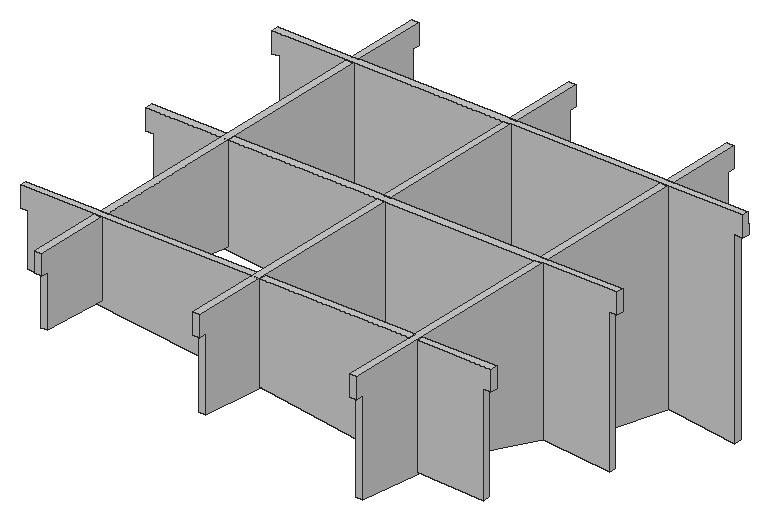
Revit family "Tartan Dune", category Generic Models, host Ceiling, Revit 2020
Family settings
  Host = Ceiling
  Can host rebar = No
  Round Connector Dimension = Use Diameter
  Part Type = Normal
  Always vertical = Yes
  Cut with Voids When Loaded = No
  Shared = No
  Room Calculation Point = No
Parameters (values of type "Light Gray")
  L = 23.750"
  Default Elevation = 0.000"
  Color = Light Gray
Types (10): name | Color
  Warm Gray | Warm Gray
  Light Gray | Light Gray
  Medium Gray | Medium Gray
  Dark Gray | Dark Gray
  Red | Red
  Blue | Blue
  Black | Black
  White | White
  Light Green | Light Green
  Dark Green | Dark Green
Reference planes (in)
  plane 1 "Center (Front/Back)": y = 0
  plane 2: z = 0
  plane 3 "Center (Left/Right)": x = 0
  plane 4 "Ceiling": z = 157.48031
  plane 5: y = 11.875
  plane 6: x = -11.875
  plane 7: x = 11.875
  plane 8: y = -11.875
  plane 9 "plane 1": y = -8.11467
  plane 10: y = -7.76033
  plane 11 "plane 2": y = -0.17717
  plane 12: y = 0.17717
  plane 13: y = 8.11467
  plane 14 "plane 3": y = 7.76033
  plane 15 "plane A": x = -8.11467
  plane 16: x = -7.76033
  plane 17 "plane B": x = -0.17717
  plane 18: x = 0.17717
  plane 19: x = 8.11467
  plane 20 "plane C": x = 7.76033
Forms (in)
  Extrusion 1, void
    sketch origin (0, 0, 157.48031) x (0, 1, 0) y (-1, 0, 0)
      loop
        line (11.875, 11.875) -> (-11.875, 11.875) -> (-11.875, -11.875) -> (11.875, -11.875) -> (11.875, 11.875)
    from 0 to 20
Dimensions and locks (in)
  equal spacing: host sketch curve, plane 3 "Center (Left/Right)", host sketch curve
  equal spacing: host sketch curve, plane 1 "Center (Front/Back)", host sketch curve
  host sketch curve to host sketch curve = 157.48031"  (x2)
  equal spacing: plane 8, plane 1 "Center (Front/Back)", plane 5
  "L": plane 8 to plane 5
  equal spacing: plane 6, plane 3 "Center (Left/Right)", plane 7
  "L": plane 6 to plane 7
  aligned and locked: Extrusion 1 sketch curve to plane 8
  aligned and locked: Extrusion 1 sketch curve to plane 7
  aligned and locked: Extrusion 1 sketch curve to plane 5
  aligned and locked: Extrusion 1 sketch curve to plane 6
  aligned and locked: nested 1 to plane 4 "Ceiling"
  aligned and locked: nested 3 to plane 4 "Ceiling"
  aligned and locked: nested 2 to plane 4 "Ceiling"
Nested families (in)
  nested 1: "Model 1" at (0, 7.76033, 157.48031) x (-1, 0, 0) z (0, 0, 1), type "Model 1"
  nested 2: "Model 2" at (0, -0.17717, 157.48031) x (-1, 0, 0) z (0, 0, 1), type "Model 2"
  nested 3: "Model 3" at (0, -8.11467, 157.48031) x (-1, 0, 0) z (0, 0, 1), type "Model 3"
  nested 4: "Model 1" at (7.76033, 0, 157.48031) x (0, -1, 0) z (0, 0, 1), type "Model 1"
  nested 5: "Model 2" at (-0.17717, 0, 157.48031) x (0, -1, 0) z (0, 0, 1), type "Model 2"
  nested 6: "Model 3" at (-8.11467, 0, 157.48031) x (0, -1, 0) z (0, 0, 1), type "Model 3"
Definition of nested family "Model 1"
  Parameters (values of type "Model 1")
    Default Elevation = 0.000"
    Color = none
  Reference planes (in)
    plane 1 "Center (Front/Back)": y = 0
    plane 2: z = 0
    plane 3 "Center (Left/Right)": x = 0
    plane 4: z = -1.027
    plane 5: z = -5.7104
    plane 6: z = -10.4469
    plane 7: x = -11.875
    plane 8: x = 11.875
    plane 9: x = 11.5
    plane 10: x = -11.5
    plane 11: x = -4
    plane 12: x = 4
    plane 13: y = -0.35433
  Forms (in)
    Extrusion 1, solid, material <- "Color"
      sketch origin (0, 0, 0) x (1, 0, 0) y (0, 0, 1)
        loop
          line (-11.875, 0) -> (-11.875, -1.027) -> (-11.5, -1.027) -> (-11.5, -10.4469)
          arc (-11.5, -10.4469) -> (-5.64753, -9.7602) -> (0.00006, -8.07863) r 34.1847
          arc (0.00006, -8.07863) -> (5.64759, -6.39708) -> (11.5, -5.7104) r 34.184
          line (11.5, -5.7104) -> (11.5, -1.027) -> (11.875, -1.027) -> (11.875, 0) -> (-11.875, 0)
      from 0 to 0.35433
  Dimensions and locks (in)
    plane 2 to plane 4 = 1.027"
    plane 4 to plane 5 = 4.6834"
    plane 4 to plane 6 = 9.4199"
    aligned and locked: level to plane 2
Definition of nested family "Model 2"
  Parameters (values of type "Model 2")
    Default Elevation = 0.000"
    Color = none
  Reference planes (in)
    plane 1 "Center (Front/Back)": y = 0
    plane 2: z = 0
    plane 3 "Center (Left/Right)": x = 0
    plane 4: z = -1.027
    plane 5: z = -4.6767
    plane 6: z = -8.2574
    plane 7: x = -11.875
    plane 8: x = 11.875
    plane 9: x = 11.5
    plane 10: x = -11.5
    plane 11: x = -4
    plane 12: x = 4
    plane 13: y = -0.35433
  Forms (in)
    Extrusion 1, solid, material <- "Color"
      sketch origin (0, 0, 0) x (1, 0, 0) y (0, 0, 1)
        loop
          line (-11.875, 0) -> (-11.875, -1.027) -> (-11.5, -1.027) -> (-11.5, -8.2574)
          arc (-11.5, -8.2574) -> (-5.68909, -7.7535) -> (0, -6.46705) r 42.957
          arc (0, -6.46705) -> (5.69079, -5.19156) -> (11.5, -4.6767) r 44.1831
          line (11.5, -4.6767) -> (11.5, -1.027) -> (11.875, -1.027) -> (11.875, 0) -> (-11.875, 0)
      from 0 to 0.35433
  Dimensions and locks (in)
    plane 2 to plane 4 = 1.027"
    plane 4 to plane 5 = 3.6497"
    plane 4 to plane 6 = 7.2304"
    aligned and locked: level to plane 2
Definition of nested family "Model 3"
  Parameters (values of type "Model 3")
    Default Elevation = 0.000"
    Color = none
  Reference planes (in)
    plane 1 "Center (Front/Back)": y = 0
    plane 2: z = 0
    plane 3 "Center (Left/Right)": x = 0
    plane 4: z = -1.027
    plane 5: z = -3.6431
    plane 6: z = -6.0679
    plane 7: x = -11.875
    plane 8: x = 11.875
    plane 9: x = 11.5
    plane 10: x = -11.5
    plane 11: x = -4
    plane 12: x = 4
    plane 13: y = -0.35433
  Forms (in)
    Extrusion 1, solid, material <- "Color"
      sketch origin (0, 0, 0) x (1, 0, 0) y (0, 0, 1)
        loop
          line (-11.875, 0) -> (-11.875, -1.027) -> (-11.5, -1.027) -> (-11.5, -6.0679)
          arc (-11.5, -6.0679) -> (-5.72206, -5.72673) -> (0, -4.8555) r 62.8533
          arc (0, -4.8555) -> (5.72206, -3.98427) -> (11.5, -3.6431) r 62.8533
          line (11.5, -3.6431) -> (11.5, -1.027) -> (11.875, -1.027) -> (11.875, 0) -> (-11.875, 0)
      from 0 to 0.35433
  Dimensions and locks (in)
    plane 2 to plane 4 = 1.027"
    plane 4 to plane 5 = 2.6161"
    plane 4 to plane 6 = 5.0409"
    aligned and locked: level to plane 2
